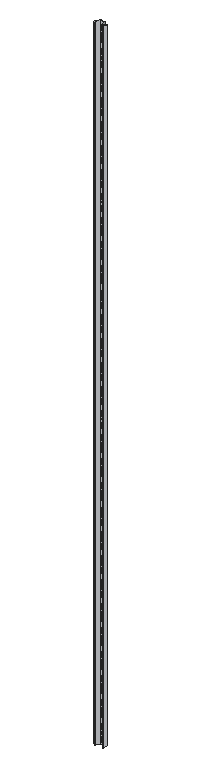
Revit family "TP-Profil-FS", category Generic Models, Revit 2017 (continued)
Dimensions and locks
  locked: Extrusion 102 sketch curve to Extrusion 102 sketch curve at 1.985
  locked: Extrusion 102 to Extrusion 102 at 9.097
  locked: Extrusion 103 sketch curve to Extrusion 103 sketch curve at 16.496
  locked: Extrusion 103 sketch curve to Extrusion 103 sketch curve at 1.998
  locked: Extrusion 103 sketch curve to Extrusion 103 sketch curve at 1.985
  locked: Extrusion 103 to Extrusion 103 at 9.097
  locked: Extrusion 104 sketch curve to Extrusion 104 sketch curve at 16.496
  locked: Extrusion 104 sketch curve to Extrusion 104 sketch curve at 1.998
  locked: Extrusion 104 sketch curve to Extrusion 104 sketch curve at 1.985
  locked: Extrusion 104 to Extrusion 104 at 9.097
  locked: Extrusion 105 sketch curve to Extrusion 105 sketch curve at 16.496
  locked: Extrusion 105 sketch curve to Extrusion 105 sketch curve at 1.998
  locked: Extrusion 105 sketch curve to Extrusion 105 sketch curve at 1.985
  locked: Extrusion 105 to Extrusion 105 at 9.097
  locked: Extrusion 106 sketch curve to Extrusion 106 sketch curve at 16.496
  locked: Extrusion 106 sketch curve to Extrusion 106 sketch curve at 1.998
  locked: Extrusion 106 sketch curve to Extrusion 106 sketch curve at 1.985
  locked: Extrusion 106 to Extrusion 106 at 9.097
  locked: Extrusion 107 sketch curve to Extrusion 107 sketch curve at 16.496
  locked: Extrusion 107 sketch curve to Extrusion 107 sketch curve at 1.998
  locked: Extrusion 107 sketch curve to Extrusion 107 sketch curve at 1.985
  locked: Extrusion 107 to Extrusion 107 at 9.097
  locked: Extrusion 108 sketch curve to Extrusion 108 sketch curve at 16.496
  locked: Extrusion 108 sketch curve to Extrusion 108 sketch curve at 1.998
  locked: Extrusion 108 sketch curve to Extrusion 108 sketch curve at 1.985
  locked: Extrusion 108 to Extrusion 108 at 9.097
  locked: Extrusion 109 sketch curve to Extrusion 109 sketch curve at 16.496
  locked: Extrusion 109 sketch curve to Extrusion 109 sketch curve at 1.998
  locked: Extrusion 109 sketch curve to Extrusion 109 sketch curve at 1.985
  locked: Extrusion 109 to Extrusion 109 at 9.097
  locked: Extrusion 110 sketch curve to Extrusion 110 sketch curve at 16.496
  locked: Extrusion 110 sketch curve to Extrusion 110 sketch curve at 1.998
  locked: Extrusion 110 sketch curve to Extrusion 110 sketch curve at 1.985
  locked: Extrusion 110 to Extrusion 110 at 9.097
  locked: Extrusion 111 sketch curve to Extrusion 111 sketch curve at 16.496
  locked: Extrusion 111 sketch curve to Extrusion 111 sketch curve at 1.998
  locked: Extrusion 111 sketch curve to Extrusion 111 sketch curve at 1.985
  locked: Extrusion 111 to Extrusion 111 at 9.097
  locked: Extrusion 112 sketch curve to Extrusion 112 sketch curve at 16.496
  locked: Extrusion 112 sketch curve to Extrusion 112 sketch curve at 1.998
  locked: Extrusion 112 sketch curve to Extrusion 112 sketch curve at 1.985
  locked: Extrusion 112 to Extrusion 112 at 9.097
  locked: Extrusion 113 sketch curve to Extrusion 113 sketch curve at 16.496
  locked: Extrusion 113 sketch curve to Extrusion 113 sketch curve at 1.998
  locked: Extrusion 113 sketch curve to Extrusion 113 sketch curve at 1.985
  locked: Extrusion 113 to Extrusion 113 at 9.097
  locked: Extrusion 114 sketch curve to Extrusion 114 sketch curve at 16.496
  locked: Extrusion 114 sketch curve to Extrusion 114 sketch curve at 1.998
  locked: Extrusion 114 sketch curve to Extrusion 114 sketch curve at 1.985
  locked: Extrusion 114 to Extrusion 114 at 9.097
  locked: Extrusion 115 sketch curve to Extrusion 115 sketch curve at 16.496
  locked: Extrusion 115 sketch curve to Extrusion 115 sketch curve at 1.998
  locked: Extrusion 115 sketch curve to Extrusion 115 sketch curve at 1.985
  locked: Extrusion 115 to Extrusion 115 at 9.097
  locked: Extrusion 116 sketch curve to Extrusion 116 sketch curve at 16.496
  locked: Extrusion 116 sketch curve to Extrusion 116 sketch curve at 1.998
  locked: Extrusion 116 sketch curve to Extrusion 116 sketch curve at 1.985
  locked: Extrusion 116 to Extrusion 116 at 9.097
  locked: Extrusion 117 sketch curve to Extrusion 117 sketch curve at 16.496
  locked: Extrusion 117 sketch curve to Extrusion 117 sketch curve at 1.998
  locked: Extrusion 117 sketch curve to Extrusion 117 sketch curve at 1.985
  locked: Extrusion 117 to Extrusion 117 at 9.097
  locked: Extrusion 118 sketch curve to Extrusion 118 sketch curve at 16.496
  locked: Extrusion 118 sketch curve to Extrusion 118 sketch curve at 1.998
  locked: Extrusion 118 sketch curve to Extrusion 118 sketch curve at 1.985
  locked: Extrusion 118 to Extrusion 118 at 9.097
  locked: Extrusion 119 sketch curve to Extrusion 119 sketch curve at 16.496
  locked: Extrusion 119 sketch curve to Extrusion 119 sketch curve at 1.998
  locked: Extrusion 119 sketch curve to Extrusion 119 sketch curve at 1.985
  locked: Extrusion 119 to Extrusion 119 at 9.097
  locked: Extrusion 120 sketch curve to Extrusion 120 sketch curve at 16.496
  locked: Extrusion 120 sketch curve to Extrusion 120 sketch curve at 1.998
  locked: Extrusion 120 sketch curve to Extrusion 120 sketch curve at 1.985
  locked: Extrusion 120 to Extrusion 120 at 9.097
  locked: Extrusion 121 sketch curve to Extrusion 121 sketch curve at 16.496
  locked: Extrusion 121 sketch curve to Extrusion 121 sketch curve at 1.998
  locked: Extrusion 121 sketch curve to Extrusion 121 sketch curve at 1.985
  locked: Extrusion 121 to Extrusion 121 at 9.097
  locked: Extrusion 122 sketch curve to Extrusion 122 sketch curve at 16.496
  locked: Extrusion 122 sketch curve to Extrusion 122 sketch curve at 1.998
  locked: Extrusion 122 sketch curve to Extrusion 122 sketch curve at 1.985
  locked: Extrusion 122 to Extrusion 122 at 9.097
  locked: Extrusion 123 sketch curve to Extrusion 123 sketch curve at 16.496
  locked: Extrusion 123 sketch curve to Extrusion 123 sketch curve at 1.998
  locked: Extrusion 123 sketch curve to Extrusion 123 sketch curve at 1.985
  locked: Extrusion 123 to Extrusion 123 at 9.097
  locked: Extrusion 124 sketch curve to Extrusion 124 sketch curve at 16.496
  locked: Extrusion 124 sketch curve to Extrusion 124 sketch curve at 1.998
  locked: Extrusion 124 sketch curve to Extrusion 124 sketch curve at 1.985
  locked: Extrusion 124 to Extrusion 124 at 9.097
  locked: Extrusion 125 sketch curve to Extrusion 125 sketch curve at 16.496
  locked: Extrusion 125 sketch curve to Extrusion 125 sketch curve at 1.998
  locked: Extrusion 125 sketch curve to Extrusion 125 sketch curve at 1.985
  locked: Extrusion 125 to Extrusion 125 at 9.097
  locked: Extrusion 126 sketch curve to Extrusion 126 sketch curve at 16.496
  locked: Extrusion 126 sketch curve to Extrusion 126 sketch curve at 1.998
  locked: Extrusion 126 sketch curve to Extrusion 126 sketch curve at 1.985
  locked: Extrusion 126 to Extrusion 126 at 9.097
  locked: Extrusion 127 sketch curve to Extrusion 127 sketch curve at 16.496
  locked: Extrusion 127 sketch curve to Extrusion 127 sketch curve at 1.998
  locked: Extrusion 127 sketch curve to Extrusion 127 sketch curve at 1.985
  locked: Extrusion 127 to Extrusion 127 at 9.097
  locked: Extrusion 128 sketch curve to Extrusion 128 sketch curve at 16.496
  locked: Extrusion 128 sketch curve to Extrusion 128 sketch curve at 1.998
  locked: Extrusion 128 sketch curve to Extrusion 128 sketch curve at 1.985
  locked: Extrusion 128 to Extrusion 128 at 9.097
  locked: Extrusion 129 sketch curve to Extrusion 129 sketch curve at 16.496
  locked: Extrusion 129 sketch curve to Extrusion 129 sketch curve at 1.998
  locked: Extrusion 129 sketch curve to Extrusion 129 sketch curve at 1.985
  locked: Extrusion 129 to Extrusion 129 at 9.097
  locked: Extrusion 130 sketch curve to Extrusion 130 sketch curve at 16.496
  locked: Extrusion 130 sketch curve to Extrusion 130 sketch curve at 1.998
  locked: Extrusion 130 sketch curve to Extrusion 130 sketch curve at 1.985
  locked: Extrusion 130 to Extrusion 130 at 9.097
  locked: Extrusion 131 sketch curve to Extrusion 131 sketch curve at 16.496
  locked: Extrusion 131 sketch curve to Extrusion 131 sketch curve at 1.998
  locked: Extrusion 131 sketch curve to Extrusion 131 sketch curve at 1.985
  locked: Extrusion 131 to Extrusion 131 at 9.097
  locked: Extrusion 132 sketch curve to Extrusion 132 sketch curve at 16.496
  locked: Extrusion 132 sketch curve to Extrusion 132 sketch curve at 1.998
  locked: Extrusion 132 sketch curve to Extrusion 132 sketch curve at 1.985
  locked: Extrusion 132 to Extrusion 132 at 9.097
  locked: Extrusion 133 sketch curve to Extrusion 133 sketch curve at 16.496
  locked: Extrusion 133 sketch curve to Extrusion 133 sketch curve at 1.998
  locked: Extrusion 133 sketch curve to Extrusion 133 sketch curve at 1.985
  locked: Extrusion 133 to Extrusion 133 at 9.097
  locked: Extrusion 134 sketch curve to Extrusion 134 sketch curve at 16.496
  locked: Extrusion 134 sketch curve to Extrusion 134 sketch curve at 1.998
  locked: Extrusion 134 sketch curve to Extrusion 134 sketch curve at 1.985
  locked: Extrusion 134 to Extrusion 134 at 9.097
  locked: Extrusion 135 sketch curve to Extrusion 135 sketch curve at 16.496
  locked: Extrusion 135 sketch curve to Extrusion 135 sketch curve at 1.998
  locked: Extrusion 135 sketch curve to Extrusion 135 sketch curve at 1.985
  locked: Extrusion 135 to Extrusion 135 at 9.097
  locked: Extrusion 136 sketch curve to Extrusion 136 sketch curve at 16.496
  locked: Extrusion 136 sketch curve to Extrusion 136 sketch curve at 1.998
  locked: Extrusion 136 sketch curve to Extrusion 136 sketch curve at 1.985
  locked: Extrusion 136 to Extrusion 136 at 9.097
  locked: Extrusion 137 sketch curve to Extrusion 137 sketch curve at 16.496
  locked: Extrusion 137 sketch curve to Extrusion 137 sketch curve at 1.998
  locked: Extrusion 137 sketch curve to Extrusion 137 sketch curve at 1.985
  locked: Extrusion 137 to Extrusion 137 at 9.097
  locked: Extrusion 138 sketch curve to Extrusion 138 sketch curve at 16.496
  locked: Extrusion 138 sketch curve to Extrusion 138 sketch curve at 1.998
  locked: Extrusion 138 sketch curve to Extrusion 138 sketch curve at 1.985
  locked: Extrusion 138 to Extrusion 138 at 9.097
  locked: Extrusion 139 sketch curve to Extrusion 139 sketch curve at 16.496
  locked: Extrusion 139 sketch curve to Extrusion 139 sketch curve at 1.998
  locked: Extrusion 139 sketch curve to Extrusion 139 sketch curve at 1.985
  locked: Extrusion 139 to Extrusion 139 at 9.097
  locked: Extrusion 140 sketch curve to Extrusion 140 sketch curve at 16.496
  locked: Extrusion 140 sketch curve to Extrusion 140 sketch curve at 1.998
  locked: Extrusion 140 sketch curve to Extrusion 140 sketch curve at 1.985
  locked: Extrusion 140 to Extrusion 140 at 9.097
  locked: Extrusion 141 sketch curve to Extrusion 141 sketch curve at 16.496
  locked: Extrusion 141 sketch curve to Extrusion 141 sketch curve at 1.998
  locked: Extrusion 141 sketch curve to Extrusion 141 sketch curve at 1.985
  locked: Extrusion 141 to Extrusion 141 at 9.097
  locked: Extrusion 142 sketch curve to Extrusion 142 sketch curve at 16.496
  locked: Extrusion 142 sketch curve to Extrusion 142 sketch curve at 1.998
  locked: Extrusion 142 sketch curve to Extrusion 142 sketch curve at 1.985
  locked: Extrusion 142 to Extrusion 142 at 9.097
  locked: Extrusion 143 sketch curve to Extrusion 143 sketch curve at 16.496
  locked: Extrusion 143 sketch curve to Extrusion 143 sketch curve at 1.998
  locked: Extrusion 143 sketch curve to Extrusion 143 sketch curve at 1.985
  locked: Extrusion 143 to Extrusion 143 at 9.097
  locked: Extrusion 144 sketch curve to Extrusion 144 sketch curve at 16.496
  locked: Extrusion 144 sketch curve to Extrusion 144 sketch curve at 1.998
  locked: Extrusion 144 sketch curve to Extrusion 144 sketch curve at 1.985
  locked: Extrusion 144 to Extrusion 144 at 9.097
  locked: Extrusion 145 sketch curve to Extrusion 145 sketch curve at 16.496
  locked: Extrusion 145 sketch curve to Extrusion 145 sketch curve at 1.998
  locked: Extrusion 145 sketch curve to Extrusion 145 sketch curve at 1.985
  locked: Extrusion 145 to Extrusion 145 at 9.097
  locked: Extrusion 146 sketch curve to Extrusion 146 sketch curve at 16.496
  locked: Extrusion 146 sketch curve to Extrusion 146 sketch curve at 1.998
  locked: Extrusion 146 sketch curve to Extrusion 146 sketch curve at 1.985
  locked: Extrusion 146 to Extrusion 146 at 9.097
  locked: Extrusion 147 sketch curve to Extrusion 147 sketch curve at 16.496
  locked: Extrusion 147 sketch curve to Extrusion 147 sketch curve at 1.998
  locked: Extrusion 147 sketch curve to Extrusion 147 sketch curve at 1.985
  locked: Extrusion 147 to Extrusion 147 at 9.097
  locked: Extrusion 148 sketch curve to Extrusion 148 sketch curve at 16.496
  locked: Extrusion 148 sketch curve to Extrusion 148 sketch curve at 1.998
  locked: Extrusion 148 sketch curve to Extrusion 148 sketch curve at 1.985
  locked: Extrusion 148 to Extrusion 148 at 9.097
  locked: Extrusion 149 sketch curve to Extrusion 149 sketch curve at 16.496
  locked: Extrusion 149 sketch curve to Extrusion 149 sketch curve at 1.998
  locked: Extrusion 149 sketch curve to Extrusion 149 sketch curve at 1.985
  locked: Extrusion 149 to Extrusion 149 at 9.097
  locked: Extrusion 150 sketch curve to Extrusion 150 sketch curve at 16.496
  locked: Extrusion 150 sketch curve to Extrusion 150 sketch curve at 1.998
  locked: Extrusion 150 sketch curve to Extrusion 150 sketch curve at 1.985
  locked: Extrusion 150 to Extrusion 150 at 9.097
  locked: Extrusion 151 sketch curve to Extrusion 151 sketch curve at 16.496
  locked: Extrusion 151 sketch curve to Extrusion 151 sketch curve at 1.998
  locked: Extrusion 151 sketch curve to Extrusion 151 sketch curve at 1.985
  locked: Extrusion 151 to Extrusion 151 at 9.097
  locked: Extrusion 152 sketch curve to Extrusion 152 sketch curve at 16.496
  locked: Extrusion 152 sketch curve to Extrusion 152 sketch curve at 1.998
  locked: Extrusion 152 sketch curve to Extrusion 152 sketch curve at 1.985
  locked: Extrusion 152 to Extrusion 152 at 9.097
  locked: Extrusion 153 sketch curve to Extrusion 153 sketch curve at 16.496
  locked: Extrusion 153 sketch curve to Extrusion 153 sketch curve at 1.998
  locked: Extrusion 153 sketch curve to Extrusion 153 sketch curve at 1.985
  locked: Extrusion 153 to Extrusion 153 at 9.097
  locked: Extrusion 154 sketch curve to Extrusion 154 sketch curve at 16.496
  locked: Extrusion 154 sketch curve to Extrusion 154 sketch curve at 1.998
  locked: Extrusion 154 sketch curve to Extrusion 154 sketch curve at 1.985
  locked: Extrusion 154 to Extrusion 154 at 9.097
  locked: Extrusion 155 sketch curve to Extrusion 155 sketch curve at 16.496
  locked: Extrusion 155 sketch curve to Extrusion 155 sketch curve at 1.998
  locked: Extrusion 155 sketch curve to Extrusion 155 sketch curve at 1.985
  locked: Extrusion 155 to Extrusion 155 at 9.097
  group 149 to group 150 = 0 mm  (x2)
  group 149 to group 150 = 50 mm
  diameter of Extrusion 2 sketch curve = 9.012 mm
  diameter of Extrusion 3 sketch curve = 9.012 mm
  diameter of Extrusion 4 sketch curve = 9.012 mm
  diameter of Extrusion 5 sketch curve = 9.012 mm
  diameter of Extrusion 6 sketch curve = 9.012 mm
  diameter of Extrusion 7 sketch curve = 9.012 mm
  diameter of Extrusion 8 sketch curve = 9.012 mm
  diameter of Extrusion 9 sketch curve = 9.012 mm
  diameter of Extrusion 10 sketch curve = 9.012 mm
  diameter of Extrusion 11 sketch curve = 9.012 mm
  diameter of Extrusion 12 sketch curve = 9.012 mm
  diameter of Extrusion 13 sketch curve = 9.012 mm
  diameter of Extrusion 14 sketch curve = 9.012 mm
  diameter of Extrusion 15 sketch curve = 9.012 mm
  diameter of Extrusion 16 sketch curve = 9.012 mm
  diameter of Extrusion 17 sketch curve = 9.012 mm
  diameter of Extrusion 18 sketch curve = 9.012 mm
  diameter of Extrusion 19 sketch curve = 9.012 mm
  diameter of Extrusion 20 sketch curve = 9.012 mm
  diameter of Extrusion 21 sketch curve = 9.012 mm
  diameter of Extrusion 22 sketch curve = 9.012 mm
  diameter of Extrusion 23 sketch curve = 9.012 mm
  diameter of Extrusion 24 sketch curve = 9.012 mm
  diameter of Extrusion 25 sketch curve = 9.012 mm
  diameter of Extrusion 26 sketch curve = 9.012 mm
  diameter of Extrusion 27 sketch curve = 9.012 mm
  diameter of Extrusion 28 sketch curve = 9.012 mm
  diameter of Extrusion 29 sketch curve = 9.012 mm
  diameter of Extrusion 30 sketch curve = 9.012 mm
  diameter of Extrusion 31 sketch curve = 9.012 mm
  locked: Extrusion 1 sketch curve to plane 4 (angle 20.00°)
  locked: plane 5 to Extrusion 1 sketch curve (angle 20.00°)
  locked: Extrusion 1 sketch curve to plane 6 (angle 20.00°)
  locked: plane 8 to Extrusion 1 sketch curve (angle 20.00°)
  locked: plane 18 to Extrusion 32 sketch curve (angle 5.00°)
  locked: Extrusion 32 sketch curve to plane 19 (angle 5.00°)
  locked: plane 21 to Extrusion 33 sketch curve (angle 5.00°)
  locked: Extrusion 33 sketch curve to plane 22 (angle 5.00°)
  locked: plane 24 to Extrusion 34 sketch curve (angle 5.00°)
  locked: Extrusion 34 sketch curve to plane 25 (angle 5.00°)
  locked: plane 27 to Extrusion 35 sketch curve (angle 5.00°)
  locked: Extrusion 35 sketch curve to plane 28 (angle 5.00°)
  locked: plane 30 to Extrusion 36 sketch curve (angle 5.00°)
  locked: Extrusion 36 sketch curve to plane 31 (angle 5.00°)
  locked: plane 33 to Extrusion 37 sketch curve (angle 5.00°)
  locked: Extrusion 37 sketch curve to plane 34 (angle 5.00°)
  locked: plane 36 to Extrusion 38 sketch curve (angle 5.00°)
  locked: Extrusion 38 sketch curve to plane 37 (angle 5.00°)
  locked: plane 39 to Extrusion 39 sketch curve (angle 5.00°)
  locked: Extrusion 39 sketch curve to plane 40 (angle 5.00°)
  locked: plane 42 to Extrusion 40 sketch curve (angle 5.00°)
  locked: Extrusion 40 sketch curve to plane 43 (angle 5.00°)
  locked: plane 45 to Extrusion 41 sketch curve (angle 5.00°)
  locked: Extrusion 41 sketch curve to plane 46 (angle 5.00°)
  locked: plane 48 to Extrusion 42 sketch curve (angle 5.00°)
  locked: Extrusion 42 sketch curve to plane 49 (angle 5.00°)
  locked: plane 51 to Extrusion 43 sketch curve (angle 5.00°)
  locked: Extrusion 43 sketch curve to plane 52 (angle 5.00°)
  locked: plane 54 to Extrusion 44 sketch curve (angle 5.00°)
  locked: Extrusion 44 sketch curve to plane 55 (angle 5.00°)
  locked: plane 57 to Extrusion 45 sketch curve (angle 5.00°)
  locked: Extrusion 45 sketch curve to plane 58 (angle 5.00°)
  locked: plane 60 to Extrusion 46 sketch curve (angle 5.00°)
  locked: Extrusion 46 sketch curve to plane 61 (angle 5.00°)
  locked: plane 63 to Extrusion 47 sketch curve (angle 5.00°)
  locked: Extrusion 47 sketch curve to plane 64 (angle 5.00°)
  locked: plane 66 to Extrusion 48 sketch curve (angle 5.00°)
  locked: Extrusion 48 sketch curve to plane 67 (angle 5.00°)
  locked: plane 69 to Extrusion 49 sketch curve (angle 5.00°)
  locked: Extrusion 49 sketch curve to plane 70 (angle 5.00°)
  locked: plane 72 to Extrusion 50 sketch curve (angle 5.00°)
  locked: Extrusion 50 sketch curve to plane 73 (angle 5.00°)
  locked: plane 75 to Extrusion 51 sketch curve (angle 5.00°)
  locked: Extrusion 51 sketch curve to plane 76 (angle 5.00°)
  locked: plane 78 to Extrusion 52 sketch curve (angle 5.00°)
  locked: Extrusion 52 sketch curve to plane 79 (angle 5.00°)
  locked: plane 81 to Extrusion 53 sketch curve (angle 5.00°)
  locked: Extrusion 53 sketch curve to plane 82 (angle 5.00°)
  locked: plane 84 to Extrusion 54 sketch curve (angle 5.00°)
  locked: Extrusion 54 sketch curve to plane 85 (angle 5.00°)
  locked: plane 87 to Extrusion 55 sketch curve (angle 5.00°)
  locked: Extrusion 55 sketch curve to plane 88 (angle 5.00°)
  locked: plane 90 to Extrusion 56 sketch curve (angle 5.00°)
  locked: Extrusion 56 sketch curve to plane 91 (angle 5.00°)
  locked: plane 93 to Extrusion 57 sketch curve (angle 5.00°)
  locked: Extrusion 57 sketch curve to plane 94 (angle 5.00°)
  locked: plane 96 to Extrusion 58 sketch curve (angle 5.00°)
  locked: Extrusion 58 sketch curve to plane 97 (angle 5.00°)
  locked: plane 99 to Extrusion 59 sketch curve (angle 5.00°)
  locked: Extrusion 59 sketch curve to plane 100 (angle 5.00°)
  locked: plane 102 to Extrusion 60 sketch curve (angle 5.00°)
  locked: Extrusion 60 sketch curve to plane 103 (angle 5.00°)
  locked: plane 105 to Extrusion 61 sketch curve (angle 5.00°)
  locked: Extrusion 61 sketch curve to plane 106 (angle 5.00°)
  locked: plane 108 to Extrusion 62 sketch curve (angle 5.00°)
  locked: Extrusion 62 sketch curve to plane 109 (angle 5.00°)
  locked: plane 111 to Extrusion 63 sketch curve (angle 5.00°)
  locked: Extrusion 63 sketch curve to plane 112 (angle 5.00°)
  locked: plane 114 to Extrusion 64 sketch curve (angle 5.00°)
  locked: Extrusion 64 sketch curve to plane 115 (angle 5.00°)
  locked: plane 117 to Extrusion 65 sketch curve (angle 5.00°)
  locked: Extrusion 65 sketch curve to plane 118 (angle 5.00°)
  locked: plane 120 to Extrusion 66 sketch curve (angle 5.00°)
  locked: Extrusion 66 sketch curve to plane 121 (angle 5.00°)
  locked: plane 123 to Extrusion 67 sketch curve (angle 5.00°)
  locked: Extrusion 67 sketch curve to plane 124 (angle 5.00°)
  locked: plane 126 to Extrusion 68 sketch curve (angle 5.00°)
  locked: Extrusion 68 sketch curve to plane 127 (angle 5.00°)
  locked: plane 129 to Extrusion 69 sketch curve (angle 5.00°)
  locked: Extrusion 69 sketch curve to plane 130 (angle 5.00°)
  locked: plane 132 to Extrusion 70 sketch curve (angle 5.00°)
  locked: Extrusion 70 sketch curve to plane 133 (angle 5.00°)
  locked: plane 135 to Extrusion 71 sketch curve (angle 5.00°)
  locked: Extrusion 71 sketch curve to plane 136 (angle 5.00°)
  locked: plane 138 to Extrusion 72 sketch curve (angle 5.00°)
  locked: Extrusion 72 sketch curve to plane 139 (angle 5.00°)
  locked: plane 141 to Extrusion 73 sketch curve (angle 5.00°)
  locked: Extrusion 73 sketch curve to plane 142 (angle 5.00°)
  locked: plane 144 to Extrusion 74 sketch curve (angle 5.00°)
  locked: Extrusion 74 sketch curve to plane 145 (angle 5.00°)
  locked: plane 147 to Extrusion 75 sketch curve (angle 5.00°)
  locked: Extrusion 75 sketch curve to plane 148 (angle 5.00°)
  locked: plane 150 to Extrusion 76 sketch curve (angle 5.00°)
  locked: Extrusion 76 sketch curve to plane 151 (angle 5.00°)
  locked: plane 153 to Extrusion 77 sketch curve (angle 5.00°)
  locked: Extrusion 77 sketch curve to plane 154 (angle 5.00°)
  locked: plane 156 to Extrusion 78 sketch curve (angle 5.00°)
  locked: Extrusion 78 sketch curve to plane 157 (angle 5.00°)
  locked: plane 159 to Extrusion 79 sketch curve (angle 5.00°)
  locked: Extrusion 79 sketch curve to plane 160 (angle 5.00°)
  locked: plane 162 to Extrusion 80 sketch curve (angle 5.00°)
  locked: Extrusion 80 sketch curve to plane 163 (angle 5.00°)
  locked: plane 165 to Extrusion 81 sketch curve (angle 5.00°)
  locked: Extrusion 81 sketch curve to plane 166 (angle 5.00°)
  locked: plane 168 to Extrusion 82 sketch curve (angle 5.00°)
  locked: Extrusion 82 sketch curve to plane 169 (angle 5.00°)
  locked: plane 171 to Extrusion 83 sketch curve (angle 5.00°)
  locked: Extrusion 83 sketch curve to plane 172 (angle 5.00°)
  locked: plane 174 to Extrusion 84 sketch curve (angle 5.00°)
  locked: Extrusion 84 sketch curve to plane 175 (angle 5.00°)
  locked: plane 177 to Extrusion 85 sketch curve (angle 5.00°)
  locked: Extrusion 85 sketch curve to plane 178 (angle 5.00°)
  locked: plane 180 to Extrusion 86 sketch curve (angle 5.00°)
  locked: Extrusion 86 sketch curve to plane 181 (angle 5.00°)
  locked: plane 183 to Extrusion 87 sketch curve (angle 5.00°)
  locked: Extrusion 87 sketch curve to plane 184 (angle 5.00°)
  locked: plane 186 to Extrusion 88 sketch curve (angle 5.00°)
  locked: Extrusion 88 sketch curve to plane 187 (angle 5.00°)
  locked: plane 189 to Extrusion 89 sketch curve (angle 5.00°)
  locked: Extrusion 89 sketch curve to plane 190 (angle 5.00°)
  locked: plane 192 to Extrusion 90 sketch curve (angle 5.00°)
  locked: Extrusion 90 sketch curve to plane 193 (angle 5.00°)
  locked: plane 195 to Extrusion 91 sketch curve (angle 5.00°)
  locked: Extrusion 91 sketch curve to plane 196 (angle 5.00°)
  angle cut or joined group 1 (Extrusion 1, Extrusion 2, Extrusion 3, Extrusion 4, Extrusion 5, Extrusion 6, Extrusion 7, Extrusion 8, Extrusion 9, Extrusion 10, Extrusion 11, Extrusion 12, Extrusion 13, Extrusion 14, Extrusion 15, Extrusion 16, Extrusion 17, Extrusion 18, Extrusion 19, Extrusion 20, Extrusion 21, Extrusion 22, Extrusion 23, Extrusion 24, Extrusion 25, Extrusion 26, Extrusion 27, Extrusion 28, Extrusion 29, Extrusion 30, Extrusion 31, Extrusion 32, Extrusion 33, Extrusion 34, Extrusion 35, Extrusion 36, Extrusion 37, Extrusion 38, Extrusion 39, Extrusion 40, Extrusion 41, Extrusion 42, Extrusion 43, Extrusion 44, Extrusion 45, Extrusion 46, Extrusion 47, Extrusion 48, Extrusion 49, Extrusion 50, Extrusion 51, Extrusion 52, Extrusion 53, Extrusion 54, Extrusion 55, Extrusion 56, Extrusion 57, Extrusion 58, Extrusion 59, Extrusion 60, Extrusion 61, Extrusion 62, Extrusion 63, Extrusion 64, Extrusion 65, Extrusion 66, Extrusion 67, Extrusion 68, Extrusion 69, Extrusion 70, Extrusion 71, Extrusion 72, Extrusion 73, Extrusion 74, Extrusion 75, Extrusion 76, Extrusion 77, Extrusion 78, Extrusion 79, Extrusion 80, Extrusion 81, Extrusion 82, Extrusion 83, Extrusion 84, Extrusion 85, Extrusion 86, Extrusion 87, Extrusion 88, Extrusion 89, Extrusion 90, Extrusion 91, Extrusion 93, Extrusion 94, Extrusion 95, Extrusion 96) to Extrusion 92 = 5.00°
  angle Extrusion 92 to cut or joined group 1 = 5.00°
  locked: Extrusion 92 to cut or joined group 1 (angle 5.00°)
  locked: cut or joined group 1 to Extrusion 92 (angle 5.00°)
  aligned and locked: level to plane 2
  aligned and locked: plane 1 "Center (Front/Back)" to Extrusion 1 sketch curve
  aligned and locked: plane 7 to Extrusion 1 sketch curve  (x2)
  aligned and locked: Extrusion 1 sketch curve to plane 1 "Center (Front/Back)"
  aligned and locked: plane 4 to Extrusion 1 sketch curve
  aligned and locked: plane 5 to Extrusion 1 sketch curve
  aligned and locked: plane 9 to Extrusion 1
  aligned and locked: Extrusion 93 to Extrusion 1
  aligned and locked: Extrusion 94 sketch curve to level
  aligned and locked: plane 11 to Extrusion 94 sketch curve
  aligned and locked: Extrusion 94 sketch curve to cut or joined group 1
  aligned and locked: Extrusion 1 to Extrusion 94
  aligned and locked: plane 9 to Extrusion 95 sketch curve
  aligned and locked: Extrusion 95 sketch curve to plane 200
  aligned and locked: Extrusion 95 to Extrusion 1
  aligned and locked: Extrusion 95 to Extrusion 93
  aligned and locked: Extrusion 93 to Extrusion 94
  aligned and locked: Extrusion 95 to Extrusion 94
  aligned and locked: Extrusion 92 to cut or joined group 1
  aligned and locked: Extrusion 96 to Extrusion 1
  aligned and locked: Extrusion 96 to plane 201
  aligned and locked: Extrusion 1 to Extrusion 96  (x2)
Types (3, lengths in mm): name | Material | Manufacturer Art.No. | GTIN | Article Type
  (no name) | Hot-dip galvanised | "6366093" | "4012195424925" | "TPSG 3000 FT"
  TPSG 3000 FS | Strip-galvanised | "6366090" | "4012196079032" | "TPSG 3000 FS"
  TPSG 3000 FT | Hot-dip galvanised | "6366093" | "4012195424925" | "TPSG 3000 FT"
